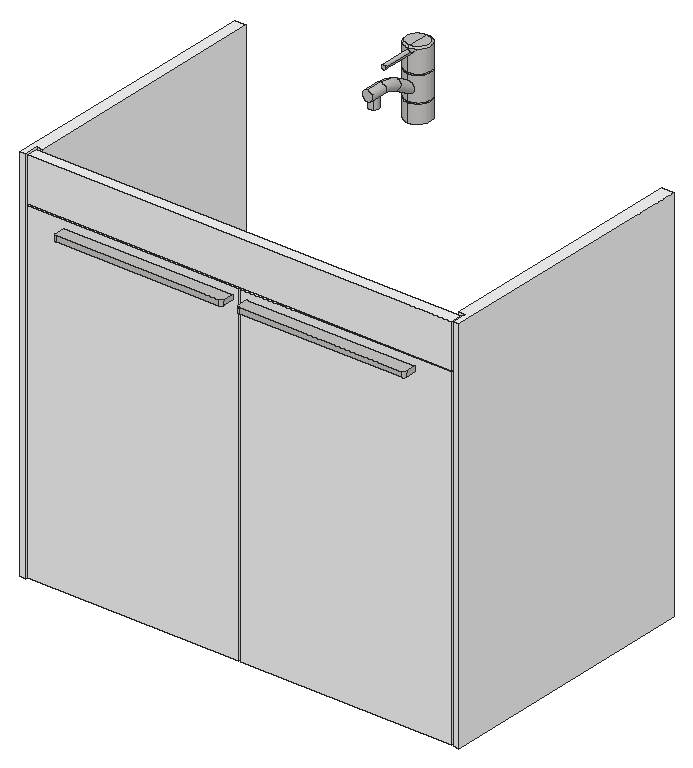
Revit family "47380 Ifö Sense Furniture packs - SDSSMP 60 Compact", category Generic Models, Revit 2015
Parameters (values of type "47380 Ifö Sense Furniture packs with doors SDSSMP 60 Compact, white")
  ifcExportType = "WASHHANDBASIN"
  ifcExportAs = "ifcSanitaryTerminalType"
  Width = 615.00 mm  # constant formula
  WarrantyStartDate = "n/a"
  WarrantyGuarantorParts = "n/a"
  WarrantyGuarantorLabor = "n/a"
  WarrantyDurationUnit = "n/a"
  WarrantyDurationParts = "n/a"
  WarrantyDurationLabor = "n/a"
  WarrantyDescription = "n/a"
  URL.se = "http://www.ifo.se/produkter/mobler/"
  URL.no = "http://www.ifosanitar.no/produkter/baderomsmbler/"
  URL.dk = "http://www.ifo.dk/produkter/badevrelsesmbler/"
  URL = "n/a"
  Type Comments = "n/a"
  Type = "Building element"
  TagNumber = "n/a"
  SustainabilityPerformance = "n/a"
  SupplyPipeDiameter = 10.00 mm
  Size = "615x535x375"
  SinkVerticalOffset = [MountingHeight(offset)] - 5.37 mm  # 844.63 mm
  Shape = "Square"
  Serie = "Sense"
  SerialNumber = "n/a"
  ReturnPipeDiameter = 32.00 mm
  ReplacementCost = "n/a"
  Panel = White
  OutputFileName = "47380 Ifö Sense Furniture packs with doors SDSSMP 60 Compact, white"
  NominalWidth = 615.00 mm
  NominalHeight = 535.00 mm
  NominalDepth = 375.00 mm
  Name = "Ifö Sense furniture pack with doors Compact 60 cm"
  MountingHeight(offset) = 850.00 mm
  ModelReference = "Sense"
  ModelNumber = "47380"
  Model = "Ifö Sense Furniture packs with doors SDSSMP 60 Compact, white"
  Mixernotincluded(option) = yes
  Material = "MDF Chipboard, Porcelain"
  Manufacturer = "Geberit"
  Keynote = "n/a"
  InstallationDate = "n/a"
  Height = 535.00 mm  # constant formula
  Handle = Metal-Steel
  Grade = "n/a"
  Fittings = Metal-Steel
  Finish = "n/a"
  Features = "feature1, feature2, feature55"
  ExpectedLife = "n/a"
  DurationUnit = "n/a"
  DrainSize = 0.00 mm
  Description = "Ifö Sense furniture pack with doors Compact 60 cm"
  Depth = 375.00 mm  # constant formula
  Constituents = "n/a"
  ConnectorIn_VDistance = 0.00 mm
  ConnectorIn_HDistance = 120.00 mm
  Color = "White"
  CodePerformance = "n/a"
  Category = "WashHandBasin"
  CabinetMaterial = "MDF Chipboard"
  CE labeling = "n/a"
  Brand = "Ifö"
  BarCode = "n/a"
  BIMObjectName = "47380 Ifö Sense Furniture packs - SDSSMP 60 Compact"
  AssetType = "n/a"
  AssetIdentifier = "n/a"
  AccessibilityPerformance = "n/a"
Reference planes
  plane 1 "Center (Front/Back)": y = 0
  plane 2: z = 0
  plane 3 "Center (Left/Right)": x = 0
  plane 4: z = 850
  plane 5: z = 774.622
  plane 6: y = -172.007
  plane 7 "Drain": z = 712.001
  plane 8: z = 712.001
  plane 9: x = 120
  plane 10: x = -120
Forms (mm)
  Extrusion 1, solid, material "White" <- "Panel"
    sketch origin (-40, 0, 315.622) x (1, 0, 0) y (0, 1, 0)
      loop
        line (-260, 0) -> (-260, -366) -> (-252, -366) -> (-252, -347) -> (-244, -347) -> (-244, 0) -> (-260, 0)
    from 0 to 520
  Extrusion 2, solid, material "White" <- "Panel"
    sketch origin (0, -51, 315.622) x (1, 0, 0) y (0, 1, 0)
      loop
        line (-290, -299) -> (-290, -315) -> (-1, -315) -> (-1, -299) -> (-290, -299)
    from 1 to 457
  Extrusion 3, solid, material "White" <- "Panel"
    sketch origin (0, -51, 315.622) x (-1, 0, 0) y (0, -1, 0)
      loop
        line (-290, 299) -> (-1, 299) -> (-1, 315) -> (-290, 315) -> (-290, 299)
    from 1 to 457
  Extrusion 4, solid, material "White" <- "Panel"
    sketch origin (0, 0, 315.622) x (1, 0, 0) y (0, 1, 0)
      loop
        line (-284, -60) -> (-284, -347) -> (284, -347) -> (284, -60) -> (-284, -60)
    from 1 to 17
  Revolve 5, solid, material "Metal-Steel" <- "Fittings"
    sketch origin (0, 3.616, 657.178) x (0, 1, 0) y (0, 0, 1)
      loop
        line (-81.936, 193.057) -> (-64.936, 193.057) -> (-64.936, 286.704) -> (-79.789, 286.704) -> (-81.936, 284.557) -> (-81.936, 254.557) -> (-79.936, 254.557) -> (-79.936, 252.057) -> (-81.936, 252.057) -> (-81.936, 219.557) -> (-79.936, 219.557) -> (-79.936, 217.057) -> (-81.936, 217.057) -> (-81.936, 193.057)
      axis (-64.936, 286.704) -> (-64.936, 193.057)
    angle from 0 to 360
  Sweep 6, solid, material "Metal-Steel" <- "Fittings"
    path origin (185, 1.116, 647.178) x (0, 1, 0) y (0, 0, 1)
      loop
        line (-147.967, 265.803) -> (-125.897, 265.803)
        arc (-125.897, 265.803) -> (-113.378, 264.21) -> (-101.657, 259.534) r 50
        line (-101.657, 259.534) -> (-72.443, 243.34)
    profile origin (185, -135.816, 912.981) x (0, 0, 1) y (1, 0, 0)
      loop
        circle (0, -185) r 7
  Extrusion 7, solid, material "Metal-Steel" <- "Fittings"
    sketch origin (0, 3.616, 657.178) x (1, 0, 0) y (0, 0, 1)
      loop
        circle (0, 279.191) r 3
    from 74.245 to 123.053
  Extrusion 8, solid, material "Metal-Steel" <- "Fittings"
    sketch origin (174.135, -142.963, 383.862) x (0.601815, -0.798636, 0) y (0.798636, 0.601815, 0)
      loop
        circle (-109.679, -135.391) r 6.014
    from 527.873 to 511.219
  Extrusion 9, solid, material "White" <- "Panel"
    sketch origin (0, -344, 315.622) x (1, 0, 0) y (0, 1, 0)
      loop
        line (-290, -6) -> (-290, -22) -> (290, -22) -> (290, -6) -> (-290, -6)
    from 459 to 519
  Extrusion 10, solid, material "White" <- "Panel"
    sketch origin (40, 0, 315.622) x (-1, 0, 0) y (0, -1, 0)
      loop
        line (-260, 0) -> (-244, 0) -> (-244, 347) -> (-252, 347) -> (-252, 366) -> (-260, 366) -> (-260, 0)
    from 0 to 520
  Extrusion 11, solid, material "Metal-Steel" <- "Handle"
    sketch origin (0, 0, 315.622) x (1, 0, 0) y (0, 1, 0)
      loop
        line (10, -366) -> (10, -380)
        arc (10, -380) -> (11.172, -382.828) -> (14, -384) r 4
        line (14, -384) -> (236, -384)
        arc (236, -384) -> (238.828, -382.828) -> (240, -380) r 4
        line (240, -380) -> (240, -366) -> (10, -366)
    from 440 to 447
  Extrusion 12, void
    sketch origin (0, 0, 315.622) x (1, 0, 0) y (0, 1, 0)
      loop
        line (64, -378.5) -> (186, -378.5)
        arc (186, -378.5) -> (194.839, -374.839) -> (198.5, -366) r 12.5
        line (198.5, -366) -> (51.5, -366)
        arc (51.5, -366) -> (55.161, -374.839) -> (64, -378.5) r 12.5
    from 440 to 444
  Extrusion 13, solid, material "Metal-Steel" <- "Handle"
    sketch origin (0, 0, 315.622) x (-1, 0, 0) y (0, -1, 0)
      loop
        line (10, 366) -> (240, 366) -> (240, 380)
        arc (240, 380) -> (238.828, 382.828) -> (236, 384) r 4
        line (236, 384) -> (14, 384)
        arc (14, 384) -> (11.172, 382.828) -> (10, 380) r 4
        line (10, 380) -> (10, 366)
    from 440 to 447
  Extrusion 14, void
    sketch origin (0, 0, 315.622) x (-1, 0, 0) y (0, -1, 0)
      loop
        arc (64, 378.5) -> (55.161, 374.839) -> (51.5, 366) r 12.5
        line (51.5, 366) -> (198.5, 366)
        arc (198.5, 366) -> (194.839, 374.839) -> (186, 378.5) r 12.5
        line (186, 378.5) -> (64, 378.5)
    from 440 to 444
  Extrusion 15, solid, material "White" <- "Panel"
    sketch origin (0, 0, 315.622) x (1, 0, 0) y (0, 1, 0)
      loop
        line (-284, -60) -> (-284, -76) -> (284, -76) -> (284, -60) -> (-284, -60)
    from 17 to 137
  Extrusion 16, solid, material "White" <- "Panel"
    sketch origin (0, 0, 315.622) x (1, 0, 0) y (0, 1, 0)
      loop
        line (-282.5, -60) -> (-282.5, -64) -> (282.5, -64) -> (282.5, -60) -> (-282.5, -60)
    from 242 to 302
  Extrusion 17, solid, material "White" <- "Panel", not visible
    sketch origin (-40, 0, 0) x (1, 0, 0) y (0, 1, 0)
      loop
        line (-260, 0) -> (-260, -366) -> (-252, -366) -> (-252, -347) -> (-244, -347) -> (-244, 0) -> (-260, 0)
    from 0 to 520
  Extrusion 18, solid, material "White" <- "Panel", not visible
    sketch origin (0, -51, 0) x (1, 0, 0) y (0, 1, 0)
      loop
        line (-290, -299) -> (-290, -315) -> (-1, -315) -> (-1, -299) -> (-290, -299)
    from 1 to 457
  Extrusion 19, solid, material "White" <- "Panel", not visible
    sketch origin (0, -51, 0) x (-1, 0, 0) y (0, -1, 0)
      loop
        line (-290, 299) -> (-1, 299) -> (-1, 315) -> (-290, 315) -> (-290, 299)
    from 1 to 457
  Extrusion 20, solid, material "White" <- "Panel", not visible
    sketch origin (0, 0, 0) x (1, 0, 0) y (0, 1, 0)
      loop
        line (-284, -60) -> (-284, -347) -> (284, -347) -> (284, -60) -> (-284, -60)
    from 1 to 17
  Extrusion 21, solid, material "White" <- "Panel", not visible
    sketch origin (0, -344, 0) x (1, 0, 0) y (0, 1, 0)
      loop
        line (-290, -6) -> (-290, -22) -> (290, -22) -> (290, -6) -> (-290, -6)
    from 459 to 519
  Extrusion 22, solid, material "White" <- "Panel", not visible
    sketch origin (40, 0, 0) x (-1, 0, 0) y (0, -1, 0)
      loop
        line (-260, 0) -> (-244, 0) -> (-244, 347) -> (-252, 347) -> (-252, 366) -> (-260, 366) -> (-260, 0)
    from 0 to 520
  Extrusion 23, solid, material "Metal-Steel" <- "Handle", not visible
    sketch origin (0, 0, 0) x (1, 0, 0) y (0, 1, 0)
      loop
        line (10, -366) -> (10, -380)
        arc (10, -380) -> (11.172, -382.828) -> (14, -384) r 4
        line (14, -384) -> (236, -384)
        arc (236, -384) -> (238.828, -382.828) -> (240, -380) r 4
        line (240, -380) -> (240, -366) -> (10, -366)
    from 440 to 447
  Extrusion 24, void, not visible
    sketch origin (0, 0, 0) x (1, 0, 0) y (0, 1, 0)
      loop
        line (64, -378.5) -> (186, -378.5)
        arc (186, -378.5) -> (194.839, -374.839) -> (198.5, -366) r 12.5
        line (198.5, -366) -> (51.5, -366)
        arc (51.5, -366) -> (55.161, -374.839) -> (64, -378.5) r 12.5
    from 440 to 444
  Extrusion 25, solid, material "Metal-Steel" <- "Handle", not visible
    sketch origin (0, 0, 0) x (-1, 0, 0) y (0, -1, 0)
      loop
        line (10, 366) -> (240, 366) -> (240, 380)
        arc (240, 380) -> (238.828, 382.828) -> (236, 384) r 4
        line (236, 384) -> (14, 384)
        arc (14, 384) -> (11.172, 382.828) -> (10, 380) r 4
        line (10, 380) -> (10, 366)
    from 440 to 447
  Extrusion 26, void, not visible
    sketch origin (0, 0, 0) x (-1, 0, 0) y (0, -1, 0)
      loop
        arc (64, 378.5) -> (55.161, 374.839) -> (51.5, 366) r 12.5
        line (51.5, 366) -> (198.5, 366)
        arc (198.5, 366) -> (194.839, 374.839) -> (186, 378.5) r 12.5
        line (186, 378.5) -> (64, 378.5)
    from 440 to 444
  Extrusion 27, solid, material "White" <- "Panel", not visible
    sketch origin (0, 0, 0) x (1, 0, 0) y (0, 1, 0)
      loop
        line (-284, -60) -> (-284, -76) -> (284, -76) -> (284, -60) -> (-284, -60)
    from 17 to 137
  Extrusion 28, solid, material "White" <- "Panel", not visible
    sketch origin (0, 0, 0) x (1, 0, 0) y (0, 1, 0)
      loop
        line (-282.5, -60) -> (-282.5, -64) -> (282.5, -64) -> (282.5, -60) -> (-282.5, -60)
    from 242 to 302
  Revolve 29, solid, material "Metal-Steel" <- "Fittings", not visible
    sketch origin (0, 3.616, 341.556) x (0, 1, 0) y (0, 0, 1)
      loop
        line (-81.936, 193.057) -> (-64.936, 193.057) -> (-64.936, 286.704) -> (-79.789, 286.704) -> (-81.936, 284.557) -> (-81.936, 254.557) -> (-79.936, 254.557) -> (-79.936, 252.057) -> (-81.936, 252.057) -> (-81.936, 219.557) -> (-79.936, 219.557) -> (-79.936, 217.057) -> (-81.936, 217.057) -> (-81.936, 193.057)
      axis (-64.936, 286.704) -> (-64.936, 193.057)
    angle from 0 to 360
  Sweep 30, solid, material "Metal-Steel" <- "Fittings", not visible
    path origin (185, 1.116, 331.556) x (0, 1, 0) y (0, 0, 1)
      loop
        line (-147.967, 265.803) -> (-125.897, 265.803)
        arc (-125.897, 265.803) -> (-113.378, 264.21) -> (-101.657, 259.534) r 50
        line (-101.657, 259.534) -> (-72.443, 243.34)
    profile origin (185, -135.816, 597.359) x (0, 0, 1) y (1, 0, 0)
      loop
        circle (0, -185) r 7
  Extrusion 31, solid, material "Metal-Steel" <- "Fittings", not visible
    sketch origin (0, 3.616, 341.556) x (1, 0, 0) y (0, 0, 1)
      loop
        circle (0, 279.191) r 3
    from 74.245 to 123.053
  Extrusion 32, solid, material "Metal-Steel" <- "Fittings", not visible
    sketch origin (174.135, -142.963, 68.239) x (0.601815, -0.798636, 0) y (0.798636, 0.601815, 0)
      loop
        circle (-109.679, -135.391) r 6.014
    from 527.873 to 511.219
Cuts and joins
  Extrusion 12 cuts Extrusion 11
  Extrusion 14 cuts Extrusion 13
Lines and regions (mm)
  Masking region 1
    outline origin (0, -6.315, 158.882) x (0, 1, 0) y (0, 0, 1)
      loop
        line (-40.152, 785) -> (-69.859, 785) -> (-72.005, 782.853) -> (-72.005, 780.486) -> (-113.122, 780.486) -> (-113.122, 774.487) -> (-72.005, 774.487) -> (-72.005, 752.853) -> (-70.005, 752.853) -> (-70.005, 750.353) -> (-72.005, 750.353) -> (-72.005, 743.516) -> (-90.672, 753.863)
        arc (-90.672, 753.863) -> (-104.201, 759.261) -> (-118.651, 761.099) r 57.711
        line (-118.651, 761.099) -> (-140.536, 761.099) -> (-140.536, 747.099) -> (-136.55, 747.099) -> (-136.55, 736.199) -> (-124.522, 736.199) -> (-124.522, 747.099) -> (-118.651, 747.099)
        arc (-118.651, 747.099) -> (-107.706, 745.707) -> (-97.459, 741.619) r 43.711
        line (-97.459, 741.619) -> (-72.005, 727.509) -> (-72.005, 717.853) -> (-70.005, 717.853) -> (-70.005, 715.353) -> (-72.005, 715.353) -> (-72.005, 692.26)
        arc (-72.005, 692.26) -> (-67.656, 692.434) -> (-63.307, 692.598) r 2089.66
        arc (-63.307, 692.598) -> (-58.497, 692.79) -> (-53.688, 693.012) r 764.729
        arc (-53.688, 693.012) -> (-48.716, 693.248) -> (-43.742, 693.465) r 1325.765
        arc (-43.742, 693.465) -> (-40.873, 693.6) -> (-38.005, 693.764) r 282.263
        line (-38.005, 693.764) -> (-38.005, 715.353) -> (-40.005, 715.353) -> (-40.005, 717.853) -> (-38.005, 717.853) -> (-38.005, 750.353) -> (-40.005, 750.353) -> (-40.005, 752.853) -> (-38.005, 752.853) -> (-38.005, 782.853) -> (-40.152, 785)
  Masking region 2
    outline origin (-84.011, -215, 158.882) x (1, 0, 0) y (0, 0, 1)
      loop
        line (67.011, 715.353) -> (67.011, 691.836)
        arc (67.011, 691.836) -> (67.594, 691.743) -> (68.182, 691.694) r 7.708
        arc (68.182, 691.694) -> (71.814, 691.495) -> (75.448, 691.353) r 229.115
        line (75.448, 691.353) -> (92.574, 691.353)
        arc (92.574, 691.353) -> (96.209, 691.495) -> (99.841, 691.694) r 229.115
        arc (99.841, 691.694) -> (100.429, 691.743) -> (101.011, 691.836) r 7.708
        line (101.011, 691.836) -> (101.011, 715.353) -> (99.011, 715.353) -> (99.011, 717.853) -> (101.011, 717.853) -> (101.011, 750.353) -> (99.011, 750.353) -> (99.011, 752.853) -> (101.011, 752.853) -> (101.011, 782.853) -> (98.865, 785) -> (69.158, 785) -> (67.011, 782.853) -> (67.011, 752.853) -> (69.011, 752.853) -> (69.011, 750.353) -> (67.011, 750.353) -> (67.011, 717.853) -> (69.011, 717.853) -> (69.011, 715.353) -> (67.011, 715.353)
  Masking region 3
    outline origin (0, 0, 315.622) x (0, 1, 0) y (0, 0, 1)
      loop
        line (0, 520) -> (-366, 520) -> (-366, 0) -> (0, 0) -> (0, 520)
  Masking region 4
    outline origin (0, 0, 315.622) x (0, 1, 0) y (0, 0, 1)
      loop
        line (-366, 447) -> (-384, 447) -> (-384, 440) -> (-366, 440) -> (-366, 447)
  Masking region 5
    outline origin (0, -366, 217.435) x (-1, 0, 0) y (0, 0, 1)
      loop
        arc (26.29, 638.99) -> (24.235, 639) -> (22.18, 639.004) r 723.971
        arc (22.18, 639.004) -> (20.512, 639.008) -> (18.844, 639.017) r 560.867
        arc (18.844, 639.017) -> (18.393, 639.019) -> (17.941, 639.018) r 74.5
        arc (17.941, 639.018) -> (17.471, 639.017) -> (17, 639.019) r 65.638
        line (17, 639.019) -> (17, 633.283)
        arc (17, 633.283) -> (16.417, 633.19) -> (15.829, 633.141) r 7.708
        arc (15.829, 633.141) -> (12.197, 632.942) -> (8.563, 632.801) r 229.115
        line (8.563, 632.801) -> (-8.563, 632.801)
        arc (-8.563, 632.801) -> (-12.197, 632.942) -> (-15.829, 633.141) r 229.115
        arc (-15.829, 633.141) -> (-16.417, 633.19) -> (-17, 633.283) r 7.708
        line (-17, 633.283) -> (-17, 639.019)
        arc (-17, 639.019) -> (-17.471, 639.017) -> (-17.941, 639.018) r 65.638
        arc (-17.941, 639.018) -> (-18.393, 639.019) -> (-18.844, 639.017) r 74.5
        arc (-18.844, 639.017) -> (-20.512, 639.008) -> (-22.18, 639.004) r 560.867
        arc (-22.18, 639.004) -> (-24.235, 639) -> (-26.29, 638.99) r 723.971
        arc (-26.29, 638.99) -> (-28.164, 638.979) -> (-30.038, 638.973) r 997.153
        arc (-30.038, 638.973) -> (-31.454, 638.971) -> (-32.87, 638.973) r 530.1
        arc (-32.87, 638.973) -> (-35.942, 638.972) -> (-39.014, 638.954) r 534.181
        arc (-39.014, 638.954) -> (-40.811, 638.943) -> (-42.607, 638.942) r 315.51
        arc (-42.607, 638.942) -> (-44.969, 638.941) -> (-47.33, 638.923) r 359.351
        arc (-47.33, 638.923) -> (-49.048, 638.911) -> (-50.765, 638.91) r 260.209
        arc (-50.765, 638.91) -> (-54.721, 638.896) -> (-58.678, 638.894) r 1309.08
        arc (-58.678, 638.894) -> (-61.142, 638.891) -> (-63.606, 638.876) r 523.97
        arc (-63.606, 638.876) -> (-66.288, 638.882) -> (-68.969, 638.863) r 286.417
        arc (-68.969, 638.863) -> (-69.397, 638.859) -> (-69.825, 638.857) r 76.359
        arc (-69.825, 638.857) -> (-76.205, 638.831) -> (-82.585, 638.822) r 2398.737
        arc (-82.585, 638.822) -> (-90.48, 638.817) -> (-98.375, 638.78) r 1898.557
        arc (-98.375, 638.78) -> (-104.329, 638.753) -> (-110.284, 638.75) r 1405.682
        arc (-110.284, 638.75) -> (-120.605, 638.739) -> (-130.926, 638.67) r 1860.707
        arc (-130.926, 638.67) -> (-135.214, 638.645) -> (-139.502, 638.65) r 614.496
        arc (-139.502, 638.65) -> (-143.882, 638.653) -> (-148.262, 638.625) r 591.416
        arc (-148.262, 638.625) -> (-157.301, 638.561) -> (-166.341, 638.556) r 1397.721
        arc (-166.341, 638.556) -> (-170.437, 638.557) -> (-174.534, 638.534) r 711.523
        arc (-174.534, 638.534) -> (-179.991, 638.501) -> (-185.448, 638.495) r 1114.787
        arc (-185.448, 638.495) -> (-190.545, 638.491) -> (-195.642, 638.466) r 1199.451
        arc (-195.642, 638.466) -> (-201.295, 638.465) -> (-206.947, 638.428) r 887.552
        arc (-206.947, 638.428) -> (-209.575, 638.422) -> (-212.203, 638.403) r 512.197
        arc (-212.203, 638.403) -> (-215.268, 638.385) -> (-218.334, 638.357) r 896.789
        arc (-218.334, 638.357) -> (-225.168, 638.324) -> (-232.001, 638.258) r 1378.917
        arc (-232.001, 638.258) -> (-237.519, 638.21) -> (-243.036, 638.141) r 1419.883
        arc (-243.036, 638.141) -> (-249.226, 638.065) -> (-255.416, 637.958) r 1203.28
        arc (-255.416, 637.958) -> (-258.93, 637.895) -> (-262.444, 637.812) r 611.774
        arc (-262.444, 637.812) -> (-265.235, 637.763) -> (-268.025, 637.691) r 349.957
        arc (-268.025, 637.691) -> (-268.602, 637.676) -> (-269.179, 637.664) r 105.435
        arc (-269.179, 637.664) -> (-271.952, 637.596) -> (-274.724, 637.495) r 233.186
        arc (-274.724, 637.495) -> (-277.635, 637.379) -> (-280.547, 637.279) r 559.81
        arc (-280.547, 637.279) -> (-282.334, 637.208) -> (-284.12, 637.108) r 113.325
        arc (-284.12, 637.108) -> (-285.427, 637.028) -> (-286.735, 636.952) r 341.387
        arc (-286.735, 636.952) -> (-287.312, 636.919) -> (-287.889, 636.883) r 134.578
        arc (-287.889, 636.883) -> (-288.686, 636.816) -> (-289.483, 636.756) r 117.427
        arc (-289.483, 636.756) -> (-290.72, 636.662) -> (-291.956, 636.559) r 183.241
        arc (-291.956, 636.559) -> (-292.364, 636.52) -> (-292.77, 636.474) r 23.326
        arc (-292.77, 636.474) -> (-293.481, 636.393) -> (-294.194, 636.323) r 46.54
        arc (-294.194, 636.323) -> (-294.951, 636.244) -> (-295.705, 636.146) r 28.913
        arc (-295.705, 636.146) -> (-296.501, 636.047) -> (-297.293, 635.928) r 31.684
        arc (-297.293, 635.928) -> (-297.7, 635.861) -> (-298.107, 635.793) r 117.916
        arc (-298.107, 635.793) -> (-298.493, 635.728) -> (-298.878, 635.665) r 92.888
        arc (-298.878, 635.665) -> (-299.52, 635.546) -> (-300.159, 635.416) r 36.999
        arc (-300.159, 635.416) -> (-300.68, 635.302) -> (-301.2, 635.186) r 73.952
        arc (-301.2, 635.186) -> (-301.992, 634.997) -> (-302.773, 634.767) r 15.678
        arc (-302.773, 634.767) -> (-303.57, 634.498) -> (-304.36, 634.205) r 29.66
        arc (-304.36, 634.205) -> (-305.453, 633.726) -> (-306.498, 633.151) r 13.324
        arc (-306.498, 633.151) -> (-307.02, 632.809) -> (-307.518, 632.433) r 9.535
        arc (-307.518, 632.433) -> (-307.946, 632.067) -> (-308.351, 631.676) r 9.535
        arc (-308.351, 631.676) -> (-308.918, 631.023) -> (-309.266, 630.231) r 2.893
        arc (-309.266, 630.231) -> (-309.389, 629.826) -> (-309.481, 629.412) r 5.582
        arc (-309.481, 629.412) -> (-309.566, 628.881) -> (-309.591, 628.343) r 4.757
        arc (-309.591, 628.343) -> (-309.575, 627.08) -> (-309.334, 625.841) r 6.998
        arc (-309.334, 625.841) -> (-309.107, 625.165) -> (-308.812, 624.516) r 6.898
        arc (-308.812, 624.516) -> (-308.505, 623.98) -> (-308.155, 623.473) r 7.299
        arc (-308.155, 623.473) -> (-307.742, 622.971) -> (-307.29, 622.506) r 7.887
        arc (-307.29, 622.506) -> (-306.674, 621.977) -> (-306.008, 621.513) r 8.1
        arc (-306.008, 621.513) -> (-305.536, 621.231) -> (-305.054, 620.967) r 14.289
        arc (-305.054, 620.967) -> (-304.448, 620.675) -> (-303.825, 620.421) r 10.631
        arc (-303.825, 620.421) -> (-303.357, 620.255) -> (-302.885, 620.102) r 18.18
        arc (-302.885, 620.102) -> (-302.367, 619.931) -> (-301.838, 619.799) r 7.468
        arc (-301.838, 619.799) -> (-301.294, 619.652) -> (-300.746, 619.524) r 16.91
        line (-300.746, 619.524) -> (-297.179, 618.709)
        arc (-297.179, 618.709) -> (-296.657, 618.581) -> (-296.136, 618.449) r 58.188
        arc (-296.136, 618.449) -> (-295.662, 618.322) -> (-295.19, 618.188) r 31.626
        line (-295.19, 618.188) -> (-292, 618.188)
        arc (-292, 618.188) -> (-291.063, 618.046) -> (-290.135, 617.85) r 16.67
        line (-290.135, 617.85) -> (-286.872, 617.188) -> (-284, 617.188) -> (0, 617.188) -> (284, 617.188) -> (286.872, 617.188) -> (290.135, 617.85)
        arc (290.135, 617.85) -> (291.063, 618.046) -> (292, 618.188) r 16.67
        line (292, 618.188) -> (295.19, 618.188)
        arc (295.19, 618.188) -> (295.662, 618.322) -> (296.136, 618.449) r 31.626
        arc (296.136, 618.449) -> (296.657, 618.581) -> (297.179, 618.709) r 58.188
        line (297.179, 618.709) -> (300.746, 619.524)
        arc (300.746, 619.524) -> (301.294, 619.652) -> (301.838, 619.799) r 16.91
        arc (301.838, 619.799) -> (302.367, 619.931) -> (302.885, 620.102) r 7.468
        arc (302.885, 620.102) -> (303.357, 620.255) -> (303.825, 620.421) r 18.18
        arc (303.825, 620.421) -> (304.448, 620.675) -> (305.054, 620.967) r 10.631
        arc (305.054, 620.967) -> (305.536, 621.231) -> (306.008, 621.513) r 14.289
        arc (306.008, 621.513) -> (306.674, 621.977) -> (307.29, 622.506) r 8.1
        arc (307.29, 622.506) -> (307.742, 622.971) -> (308.155, 623.473) r 7.887
        arc (308.155, 623.473) -> (308.505, 623.98) -> (308.812, 624.516) r 7.299
        arc (308.812, 624.516) -> (309.107, 625.165) -> (309.334, 625.841) r 6.898
        arc (309.334, 625.841) -> (309.575, 627.08) -> (309.591, 628.343) r 6.998
        arc (309.591, 628.343) -> (309.566, 628.881) -> (309.481, 629.412) r 4.757
        arc (309.481, 629.412) -> (309.389, 629.826) -> (309.266, 630.231) r 5.582
        arc (309.266, 630.231) -> (308.918, 631.023) -> (308.351, 631.676) r 2.893
        arc (308.351, 631.676) -> (307.946, 632.067) -> (307.518, 632.433) r 9.535
        arc (307.518, 632.433) -> (307.02, 632.809) -> (306.498, 633.151) r 9.535
        arc (306.498, 633.151) -> (305.453, 633.726) -> (304.36, 634.205) r 13.324
        arc (304.36, 634.205) -> (303.57, 634.498) -> (302.773, 634.767) r 29.66
        arc (302.773, 634.767) -> (301.992, 634.997) -> (301.2, 635.186) r 15.678
        arc (301.2, 635.186) -> (300.68, 635.302) -> (300.159, 635.416) r 73.952
        arc (300.159, 635.416) -> (299.52, 635.546) -> (298.878, 635.665) r 36.999
        arc (298.878, 635.665) -> (298.493, 635.728) -> (298.107, 635.793) r 92.888
        arc (298.107, 635.793) -> (297.7, 635.861) -> (297.293, 635.928) r 117.916
        arc (297.293, 635.928) -> (296.501, 636.047) -> (295.705, 636.146) r 31.684
        arc (295.705, 636.146) -> (294.951, 636.244) -> (294.194, 636.323) r 28.913
        arc (294.194, 636.323) -> (293.481, 636.393) -> (292.77, 636.474) r 46.54
        arc (292.77, 636.474) -> (292.364, 636.52) -> (291.956, 636.559) r 23.326
        arc (291.956, 636.559) -> (290.72, 636.662) -> (289.483, 636.756) r 183.241
        arc (289.483, 636.756) -> (288.686, 636.816) -> (287.889, 636.883) r 117.427
        arc (287.889, 636.883) -> (287.312, 636.919) -> (286.735, 636.952) r 134.578
        arc (286.735, 636.952) -> (285.427, 637.028) -> (284.12, 637.108) r 341.387
        arc (284.12, 637.108) -> (282.334, 637.208) -> (280.547, 637.279) r 113.325
        arc (280.547, 637.279) -> (277.635, 637.379) -> (274.724, 637.495) r 559.81
        arc (274.724, 637.495) -> (271.952, 637.596) -> (269.179, 637.664) r 233.186
        arc (269.179, 637.664) -> (268.602, 637.676) -> (268.025, 637.691) r 105.435
        arc (268.025, 637.691) -> (265.235, 637.763) -> (262.444, 637.812) r 349.957
        arc (262.444, 637.812) -> (258.93, 637.895) -> (255.416, 637.958) r 611.774
        arc (255.416, 637.958) -> (249.226, 638.065) -> (243.036, 638.141) r 1203.28
        arc (243.036, 638.141) -> (237.519, 638.21) -> (232.001, 638.258) r 1419.883
        arc (232.001, 638.258) -> (225.168, 638.324) -> (218.334, 638.357) r 1378.917
        arc (218.334, 638.357) -> (215.268, 638.385) -> (212.203, 638.403) r 896.789
        arc (212.203, 638.403) -> (209.575, 638.422) -> (206.947, 638.428) r 512.197
        arc (206.947, 638.428) -> (201.295, 638.465) -> (195.642, 638.466) r 887.552
        arc (195.642, 638.466) -> (190.545, 638.491) -> (185.448, 638.495) r 1199.451
        arc (185.448, 638.495) -> (179.991, 638.501) -> (174.534, 638.534) r 1114.787
        arc (174.534, 638.534) -> (170.437, 638.557) -> (166.341, 638.556) r 711.523
        arc (166.341, 638.556) -> (157.301, 638.561) -> (148.262, 638.625) r 1397.721
        arc (148.262, 638.625) -> (143.882, 638.653) -> (139.502, 638.65) r 591.416
        arc (139.502, 638.65) -> (135.214, 638.645) -> (130.926, 638.67) r 614.496
        arc (130.926, 638.67) -> (120.605, 638.739) -> (110.284, 638.75) r 1860.707
        arc (110.284, 638.75) -> (104.329, 638.753) -> (98.375, 638.78) r 1405.682
        arc (98.375, 638.78) -> (90.48, 638.817) -> (82.585, 638.822) r 1898.557
        arc (82.585, 638.822) -> (76.205, 638.831) -> (69.825, 638.857) r 2398.737
        arc (69.825, 638.857) -> (69.397, 638.859) -> (68.969, 638.863) r 76.359
        arc (68.969, 638.863) -> (66.288, 638.882) -> (63.606, 638.876) r 286.417
        arc (63.606, 638.876) -> (61.142, 638.891) -> (58.678, 638.894) r 523.97
        arc (58.678, 638.894) -> (54.721, 638.896) -> (50.765, 638.91) r 1309.08
        arc (50.765, 638.91) -> (49.048, 638.911) -> (47.33, 638.923) r 260.209
        arc (47.33, 638.923) -> (44.969, 638.941) -> (42.607, 638.942) r 359.351
        arc (42.607, 638.942) -> (40.811, 638.943) -> (39.014, 638.954) r 315.51
        arc (39.014, 638.954) -> (35.942, 638.972) -> (32.87, 638.973) r 534.181
        arc (32.87, 638.973) -> (31.454, 638.971) -> (30.038, 638.973) r 530.1
        arc (30.038, 638.973) -> (28.164, 638.979) -> (26.29, 638.99) r 997.153
  Masking region 6
    outline origin (0, 0, 315.622) x (-1, 0, 0) y (0, 0, 1)
      loop
        line (-292, 0) -> (-284, 0) -> (-284, 1) -> (-290, 1) -> (-290, 457) -> (-1, 457) -> (-1, 1) -> (1, 1) -> (1, 457) -> (290, 457) -> (290, 1) -> (284, 1) -> (284, 0) -> (292, 0) -> (292, 520)
        arc (292, 520) -> (291.063, 519.858) -> (290.135, 519.663) r 16.67
        line (290.135, 519.663) -> (286.872, 519) -> (290, 519) -> (290, 459) -> (-290, 459) -> (-290, 519) -> (-286.872, 519) -> (-290.135, 519.663)
        arc (-290.135, 519.663) -> (-291.063, 519.858) -> (-292, 520) r 16.67
        line (-292, 520) -> (-292, 0)
  Masking region 7
    outline origin (0, -0.133, 0) x (1, 0, 0) y (0, 1, 0)
      loop
        line (-236, -384) -> (-14, -384)
        arc (-14, -384) -> (-11.172, -382.828) -> (-10, -380) r 4
        line (-10, -380) -> (-10, -374.136) -> (10, -374.136) -> (10, -380)
        arc (10, -380) -> (11.172, -382.828) -> (14, -384) r 4
        line (14, -384) -> (236, -384)
        arc (236, -384) -> (238.828, -382.828) -> (240, -380) r 4
        line (240, -380) -> (240, -374.156) -> (249.138, -374.156)
        arc (249.138, -374.156) -> (256.63, -374.114) -> (264.12, -373.956) r 483.526
        arc (264.12, -373.956) -> (265.744, -373.904) -> (267.368, -373.843) r 271.997
        arc (267.368, -373.843) -> (271.041, -373.656) -> (274.708, -373.393) r 179.921
        arc (274.708, -373.393) -> (277.537, -373.142) -> (280.361, -372.849) r 198.031
        arc (280.361, -372.849) -> (282.754, -372.479) -> (285.146, -372.102) r 907.087
        arc (285.146, -372.102) -> (290.083, -371.018) -> (294.859, -369.363) r 43.132
        arc (294.859, -369.363) -> (295.873, -368.863) -> (296.881, -368.349) r 87.413
        arc (296.881, -368.349) -> (299.819, -366.411) -> (302.288, -363.902) r 16.748
        arc (302.288, -363.902) -> (304.309, -360.758) -> (305.662, -357.274) r 18.624
        arc (305.662, -357.274) -> (306.296, -354.714) -> (306.791, -352.123) r 48.824
        arc (306.791, -352.123) -> (307.115, -349.366) -> (307.275, -346.595) r 46.783
        arc (307.275, -346.595) -> (307.474, -343.596) -> (307.571, -340.593) r 88.114
        arc (307.571, -340.593) -> (307.728, -336.151) -> (307.902, -331.71) r 1093.636
        arc (307.902, -331.71) -> (308.125, -325.854) -> (308.311, -319.998) r 918.203
        arc (308.311, -319.998) -> (308.573, -312.465) -> (308.793, -304.932) r 1386.93
        arc (308.793, -304.932) -> (308.898, -301.128) -> (309.021, -297.325) r 816.697
        arc (309.021, -297.325) -> (309.143, -293.374) -> (309.238, -289.423) r 562.08
        arc (309.238, -289.423) -> (309.331, -284.43) -> (309.406, -279.436) r 1347.245
        arc (309.406, -279.436) -> (309.498, -271.237) -> (309.558, -263.039) r 2180.468
        arc (309.558, -263.039) -> (309.567, -261.287) -> (309.571, -259.535) r 927.697
        arc (309.571, -259.535) -> (309.575, -258.534) -> (309.582, -257.534) r 300.554
        arc (309.582, -257.534) -> (309.602, -253.657) -> (309.599, -249.781) r 628.294
        arc (309.599, -249.781) -> (309.583, -241.845) -> (309.596, -233.909) r 2143.412
        arc (309.596, -233.909) -> (309.607, -229.216) -> (309.609, -224.523) r 2280.047
        line (309.609, -224.523) -> (309.609, -129.049)
        arc (309.609, -129.049) -> (309.525, -97.238) -> (309.062, -65.43) r 2671.429
        arc (309.062, -65.43) -> (308.772, -53.66) -> (308.384, -41.893) r 1424.088
        arc (308.384, -41.893) -> (308.044, -34.649) -> (307.561, -27.413) r 367.389
        arc (307.561, -27.413) -> (307.45, -25.93) -> (307.343, -24.446) r 444.487
        arc (307.343, -24.446) -> (307.038, -21.521) -> (306.534, -18.624) r 43.029
        arc (306.534, -18.624) -> (306.146, -16.85) -> (305.73, -15.082) r 108.922
        arc (305.73, -15.082) -> (305.317, -13.717) -> (304.761, -12.403) r 13.336
        arc (304.761, -12.403) -> (304.173, -11.26) -> (303.537, -10.142) r 30.401
        arc (303.537, -10.142) -> (303.104, -9.466) -> (302.574, -8.863) r 5.306
        arc (302.574, -8.863) -> (301.884, -8.082) -> (301.181, -7.313) r 61.323
        arc (301.181, -7.313) -> (299.982, -6.399) -> (298.736, -5.549) r 28.605
        arc (298.736, -5.549) -> (297.898, -5.049) -> (297.027, -4.608) r 14.109
        arc (297.027, -4.608) -> (294.939, -3.787) -> (292.815, -3.065) r 48.435
        arc (292.815, -3.065) -> (290.558, -2.542) -> (288.297, -2.042) r 232.157
        arc (288.297, -2.042) -> (286.718, -1.743) -> (285.126, -1.524) r 31.802
        arc (285.126, -1.524) -> (284.563, -1.456) -> (284, -1.377) r 31.555
        arc (284, -1.377) -> (283.222, -1.268) -> (282.446, -1.154) r 114.839
        arc (282.446, -1.154) -> (281.953, -1.085) -> (281.46, -1.024) r 27.665
        arc (281.46, -1.024) -> (279.038, -0.81) -> (276.614, -0.621) r 237.447
        arc (276.614, -0.621) -> (275.694, -0.549) -> (274.774, -0.467) r 87.014
        arc (274.774, -0.467) -> (272.156, -0.314) -> (269.536, -0.198) r 182.737
        arc (269.536, -0.198) -> (268.518, -0.161) -> (267.501, -0.121) r 494.803
        arc (267.501, -0.121) -> (265.569, -0.066) -> (263.637, -0.016) r 604.079
        arc (263.637, -0.016) -> (260.998, 0.039) -> (258.358, 0.079) r 445.434
        arc (258.358, 0.079) -> (256.473, 0.1) -> (254.589, 0.116) r 727.749
        arc (254.589, 0.116) -> (250.077, 0.136) -> (245.566, 0.133) r 900.98
        line (245.566, 0.133) -> (-245.566, 0.133)
        arc (-245.566, 0.133) -> (-250.077, 0.136) -> (-254.589, 0.116) r 900.98
        arc (-254.589, 0.116) -> (-256.473, 0.1) -> (-258.358, 0.079) r 727.749
        arc (-258.358, 0.079) -> (-260.998, 0.039) -> (-263.637, -0.016) r 445.434
        arc (-263.637, -0.016) -> (-265.569, -0.066) -> (-267.501, -0.121) r 604.079
        arc (-267.501, -0.121) -> (-268.518, -0.161) -> (-269.536, -0.198) r 494.803
        arc (-269.536, -0.198) -> (-272.156, -0.314) -> (-274.774, -0.467) r 182.737
        arc (-274.774, -0.467) -> (-275.694, -0.549) -> (-276.614, -0.621) r 87.014
        arc (-276.614, -0.621) -> (-279.038, -0.81) -> (-281.46, -1.024) r 237.447
        arc (-281.46, -1.024) -> (-281.953, -1.085) -> (-282.446, -1.154) r 27.665
        arc (-282.446, -1.154) -> (-283.222, -1.268) -> (-284, -1.377) r 114.839
        arc (-284, -1.377) -> (-284.563, -1.456) -> (-285.126, -1.524) r 31.555
        arc (-285.126, -1.524) -> (-286.718, -1.743) -> (-288.297, -2.042) r 31.802
        arc (-288.297, -2.042) -> (-290.558, -2.542) -> (-292.815, -3.065) r 232.157
        arc (-292.815, -3.065) -> (-294.939, -3.787) -> (-297.027, -4.608) r 48.435
        arc (-297.027, -4.608) -> (-297.898, -5.049) -> (-298.736, -5.549) r 14.109
        arc (-298.736, -5.549) -> (-299.982, -6.399) -> (-301.181, -7.313) r 28.605
        arc (-301.181, -7.313) -> (-301.884, -8.082) -> (-302.574, -8.863) r 61.323
        arc (-302.574, -8.863) -> (-303.104, -9.466) -> (-303.537, -10.142) r 5.306
        arc (-303.537, -10.142) -> (-304.173, -11.26) -> (-304.761, -12.403) r 30.401
        arc (-304.761, -12.403) -> (-305.317, -13.717) -> (-305.73, -15.082) r 13.336
        arc (-305.73, -15.082) -> (-306.146, -16.85) -> (-306.534, -18.624) r 108.922
        arc (-306.534, -18.624) -> (-307.038, -21.521) -> (-307.343, -24.446) r 43.029
        arc (-307.343, -24.446) -> (-307.45, -25.93) -> (-307.561, -27.413) r 444.487
        arc (-307.561, -27.413) -> (-308.044, -34.649) -> (-308.384, -41.893) r 367.389
        arc (-308.384, -41.893) -> (-308.772, -53.66) -> (-309.062, -65.43) r 1424.088
        arc (-309.062, -65.43) -> (-309.525, -97.238) -> (-309.609, -129.049) r 2671.429
        line (-309.609, -129.049) -> (-309.609, -224.523)
        arc (-309.609, -224.523) -> (-309.607, -229.216) -> (-309.596, -233.909) r 2280.047
        arc (-309.596, -233.909) -> (-309.583, -241.845) -> (-309.599, -249.781) r 2143.412
        arc (-309.599, -249.781) -> (-309.602, -253.657) -> (-309.582, -257.534) r 628.294
        arc (-309.582, -257.534) -> (-309.575, -258.534) -> (-309.571, -259.535) r 300.554
        arc (-309.571, -259.535) -> (-309.567, -261.287) -> (-309.558, -263.039) r 927.697
        arc (-309.558, -263.039) -> (-309.498, -271.237) -> (-309.406, -279.436) r 2180.468
        arc (-309.406, -279.436) -> (-309.331, -284.43) -> (-309.238, -289.423) r 1347.245
        arc (-309.238, -289.423) -> (-309.143, -293.374) -> (-309.021, -297.325) r 562.08
        arc (-309.021, -297.325) -> (-308.898, -301.128) -> (-308.793, -304.932) r 816.697
        arc (-308.793, -304.932) -> (-308.573, -312.465) -> (-308.311, -319.998) r 1386.93
        arc (-308.311, -319.998) -> (-308.125, -325.854) -> (-307.902, -331.71) r 918.203
        arc (-307.902, -331.71) -> (-307.728, -336.151) -> (-307.571, -340.593) r 1093.636
        arc (-307.571, -340.593) -> (-307.474, -343.596) -> (-307.275, -346.595) r 88.114
        arc (-307.275, -346.595) -> (-307.115, -349.366) -> (-306.791, -352.123) r 46.783
        arc (-306.791, -352.123) -> (-306.296, -354.714) -> (-305.662, -357.274) r 48.824
        arc (-305.662, -357.274) -> (-304.309, -360.758) -> (-302.288, -363.902) r 18.624
        arc (-302.288, -363.902) -> (-299.819, -366.411) -> (-296.881, -368.349) r 16.748
        arc (-296.881, -368.349) -> (-295.873, -368.863) -> (-294.859, -369.363) r 87.413
        arc (-294.859, -369.363) -> (-290.083, -371.018) -> (-285.146, -372.102) r 43.132
        arc (-285.146, -372.102) -> (-282.754, -372.479) -> (-280.361, -372.849) r 907.087
        arc (-280.361, -372.849) -> (-277.537, -373.142) -> (-274.708, -373.393) r 198.031
        arc (-274.708, -373.393) -> (-271.041, -373.656) -> (-267.368, -373.843) r 179.921
        arc (-267.368, -373.843) -> (-265.744, -373.904) -> (-264.12, -373.956) r 271.997
        arc (-264.12, -373.956) -> (-256.63, -374.114) -> (-249.138, -374.156) r 483.526
        line (-249.138, -374.156) -> (-240, -374.156) -> (-240, -380)
        arc (-240, -380) -> (-238.828, -382.828) -> (-236, -384) r 4
  Masking region 8
    outline origin (0, -0.133, 0) x (1, 0, 0) y (0, 1, 0)
      loop
        line (-300, 0.133) -> (-300, -6.412)
        arc (-300, -6.412) -> (-299.374, -5.972) -> (-298.736, -5.549) r 28.605
        arc (-298.736, -5.549) -> (-297.898, -5.049) -> (-297.027, -4.608) r 14.109
        arc (-297.027, -4.608) -> (-294.939, -3.787) -> (-292.815, -3.065) r 48.435
        arc (-292.815, -3.065) -> (-290.558, -2.542) -> (-288.297, -2.042) r 232.157
        arc (-288.297, -2.042) -> (-286.718, -1.743) -> (-285.126, -1.524) r 31.802
        arc (-285.126, -1.524) -> (-284.563, -1.457) -> (-284, -1.382) r 40.865
        line (-284, -1.382) -> (-284, 0.133) -> (-300, 0.133)
  Masking region 9
    outline origin (0, 0, 315.622) x (0, 1, 0) y (0, 0, 1)
      loop
        line (0, 520) -> (0, 528.696)
        arc (0, 528.696) -> (-0.014, 530.259) -> (-0.058, 531.822) r 84.659
        arc (-0.058, 531.822) -> (-0.104, 532.838) -> (-0.188, 533.852) r 28.351
        arc (-0.188, 533.852) -> (-0.26, 534.567) -> (-0.373, 535.276) r 12.858
        arc (-0.373, 535.276) -> (-0.447, 535.667) -> (-0.521, 536.058) r 164.914
        arc (-0.521, 536.058) -> (-0.631, 536.543) -> (-0.771, 537.02) r 7.84
        arc (-0.771, 537.02) -> (-0.902, 537.407) -> (-1.042, 537.791) r 19.553
        arc (-1.042, 537.791) -> (-1.302, 538.382) -> (-1.649, 538.926) r 4.226
        arc (-1.649, 538.926) -> (-2.039, 539.422) -> (-2.496, 539.858) r 4.401
        arc (-2.496, 539.858) -> (-3.026, 540.23) -> (-3.608, 540.514) r 4.129
        arc (-3.608, 540.514) -> (-4.265, 540.722) -> (-4.945, 540.835) r 4.899
        arc (-4.945, 540.835) -> (-5.384, 540.87) -> (-5.824, 540.89) r 13.657
        arc (-5.824, 540.89) -> (-6.266, 540.891) -> (-6.708, 540.867) r 7.916
        arc (-6.708, 540.867) -> (-7.648, 540.791) -> (-8.585, 540.676) r 22.851
        arc (-8.585, 540.676) -> (-10.468, 540.392) -> (-12.34, 540.043) r 56.17
        arc (-12.34, 540.043) -> (-16.579, 539.244) -> (-20.828, 538.496) r 352.175
        arc (-20.828, 538.496) -> (-21.738, 538.439) -> (-22.648, 538.375) r 117.046
        arc (-22.648, 538.375) -> (-24.642, 538.234) -> (-26.637, 538.109) r 251.033
        arc (-26.637, 538.109) -> (-28.238, 538.002) -> (-29.837, 537.871) r 101.649
        arc (-29.837, 537.871) -> (-31.121, 537.784) -> (-32.405, 537.704) r 214.413
        arc (-32.405, 537.704) -> (-33.221, 537.659) -> (-34.035, 537.604) r 68.542
        arc (-34.035, 537.604) -> (-36.899, 537.414) -> (-39.764, 537.267) r 193.856
        arc (-39.764, 537.267) -> (-41.988, 537.159) -> (-44.211, 537.03) r 239.359
        arc (-44.211, 537.03) -> (-47.133, 536.862) -> (-50.057, 536.725) r 282.263
        arc (-50.057, 536.725) -> (-55.03, 536.507) -> (-60.003, 536.271) r 1325.765
        arc (-60.003, 536.271) -> (-64.812, 536.049) -> (-69.622, 535.857) r 764.729
        arc (-69.622, 535.857) -> (-73.971, 535.693) -> (-78.32, 535.52) r 2089.66
        arc (-78.32, 535.52) -> (-88.649, 535.155) -> (-98.982, 534.904) r 931.982
        arc (-98.982, 534.904) -> (-107.592, 534.719) -> (-116.204, 534.594) r 1208.47
        arc (-116.204, 534.594) -> (-124.262, 534.523) -> (-132.32, 534.484) r 1996.816
        arc (-132.32, 534.484) -> (-142.234, 534.478) -> (-152.147, 534.426) r 2123.297
        arc (-152.147, 534.426) -> (-154.263, 534.418) -> (-156.379, 534.425) r 281.719
        arc (-156.379, 534.425) -> (-160.166, 534.39) -> (-163.954, 534.378) r 598.1
        line (-163.954, 534.378) -> (-174.618, 534.378)
        arc (-174.618, 534.378) -> (-179.018, 534.396) -> (-183.417, 534.38) r 546.946
        arc (-183.417, 534.38) -> (-185.072, 534.373) -> (-186.727, 534.378) r 237.551
        arc (-186.727, 534.378) -> (-191.783, 534.388) -> (-196.839, 534.359) r 628.612
        arc (-196.839, 534.359) -> (-201.887, 534.331) -> (-206.936, 534.349) r 566.462
        arc (-206.936, 534.349) -> (-212.556, 534.362) -> (-218.175, 534.312) r 502.979
        arc (-218.175, 534.312) -> (-227.422, 534.289) -> (-236.669, 534.307) r 2063.064
        arc (-236.669, 534.307) -> (-261.001, 534.22) -> (-285.334, 534.246) r 5204.23
        arc (-285.334, 534.246) -> (-290.125, 534.254) -> (-294.917, 534.244) r 1323.824
        arc (-294.917, 534.244) -> (-317.73, 534.212) -> (-340.543, 534.289) r 4745.795
        arc (-340.543, 534.289) -> (-342.051, 534.283) -> (-343.558, 534.296) r 116.474
        arc (-343.558, 534.296) -> (-344.116, 534.3) -> (-344.673, 534.295) r 34.764
        arc (-344.673, 534.295) -> (-345.755, 534.291) -> (-346.836, 534.293) r 244.298
        arc (-346.836, 534.293) -> (-347.722, 534.282) -> (-348.608, 534.282) r 83.219
        arc (-348.608, 534.282) -> (-351.453, 534.265) -> (-354.297, 534.19) r 139.228
        arc (-354.297, 534.19) -> (-355.174, 534.153) -> (-356.052, 534.13) r 57.999
        arc (-356.052, 534.13) -> (-358.975, 533.996) -> (-361.887, 533.707) r 54.964
        arc (-361.887, 533.707) -> (-362.545, 533.631) -> (-363.202, 533.549) r 67.707
        arc (-363.202, 533.549) -> (-363.955, 533.443) -> (-364.705, 533.321) r 36.743
        arc (-364.705, 533.321) -> (-365.308, 533.211) -> (-365.909, 533.09) r 32.407
        arc (-365.909, 533.09) -> (-366.563, 532.963) -> (-367.206, 532.789) r 9.062
        arc (-367.206, 532.789) -> (-367.742, 532.661) -> (-368.27, 532.504) r 10.166
        arc (-368.27, 532.504) -> (-368.899, 532.308) -> (-369.513, 532.072) r 10.259
        arc (-369.513, 532.072) -> (-370.187, 531.776) -> (-370.851, 531.459) r 23.449
        arc (-370.851, 531.459) -> (-372.128, 530.662) -> (-373.229, 529.635) r 7.794
        arc (-373.229, 529.635) -> (-373.556, 529.221) -> (-373.836, 528.774) r 4.869
        arc (-373.836, 528.774) -> (-374.054, 528.329) -> (-374.191, 527.852) r 2.817
        arc (-374.191, 527.852) -> (-374.307, 527.322) -> (-374.317, 526.779) r 2.751
        arc (-374.317, 526.779) -> (-374.04, 525.696) -> (-373.422, 524.764) r 3.336
        arc (-373.422, 524.764) -> (-373.055, 524.338) -> (-372.616, 523.987) r 3.04
        arc (-372.616, 523.987) -> (-372.179, 523.654) -> (-371.711, 523.368) r 5.398
        arc (-371.711, 523.368) -> (-371.204, 523.077) -> (-370.673, 522.834) r 6.303
        arc (-370.673, 522.834) -> (-370.135, 522.601) -> (-369.583, 522.402) r 9.279
        arc (-369.583, 522.402) -> (-369.04, 522.218) -> (-368.489, 522.06) r 12.447
        arc (-368.489, 522.06) -> (-367.942, 521.905) -> (-367.388, 521.779) r 10.78
        arc (-367.388, 521.779) -> (-366.013, 521.48) -> (-364.629, 521.221) r 48.406
        arc (-364.629, 521.221) -> (-362.77, 520.882) -> (-360.905, 520.57) r 124.785
        arc (-360.905, 520.57) -> (-359.452, 520.311) -> (-358.009, 520) r 40.723
        line (-358.009, 520) -> (0, 520)
  Masking region 10
    outline origin (0, 0, 315.622) x (-1, 0, 0) y (0, 0, 1)
      loop
        line (-300, 520) -> (-300, 0) -> (-292, 0) -> (-292, 520) -> (-300, 520)
  Masking region 11
    outline origin (0, 0, 315.622) x (1, 0, 0) y (0, 0, 1)
      loop
        line (-300, 520) -> (-300, 0) -> (-292, 0) -> (-292, 520) -> (-300, 520)
  Masking region 12
    outline origin (0, 0, 315.622) x (-1, 0, 0) y (0, 0, 1)
      loop
        line (1, 457) -> (1, 1) -> (290, 1) -> (290, 457) -> (1, 457)
  Masking region 13
    outline origin (0, 0, 315.622) x (-1, 0, 0) y (0, 0, 1)
      loop
        line (-1, 457) -> (-290, 457) -> (-290, 1) -> (-1, 1) -> (-1, 457)
  Masking region 14
    outline origin (0, 0, 315.622) x (-1, 0, 0) y (0, 0, 1)
      loop
        line (-290, 459) -> (290, 459) -> (290, 519) -> (-290, 519) -> (-290, 459)
  Masking region 15
    outline origin (0, -0.133, 0) x (0, 1, 0) y (-1, 0, 0)
      loop
        line (0.133, -300) -> (0.133, -284) -> (-1.382, -284)
        arc (-1.382, -284) -> (-1.457, -284.563) -> (-1.524, -285.126) r 40.865
        arc (-1.524, -285.126) -> (-1.743, -286.718) -> (-2.042, -288.297) r 31.802
        arc (-2.042, -288.297) -> (-2.542, -290.558) -> (-3.065, -292.815) r 232.157
        arc (-3.065, -292.815) -> (-3.787, -294.939) -> (-4.608, -297.027) r 48.435
        arc (-4.608, -297.027) -> (-5.049, -297.898) -> (-5.549, -298.736) r 14.109
        arc (-5.549, -298.736) -> (-5.972, -299.374) -> (-6.412, -300) r 28.605
        line (-6.412, -300) -> (0.133, -300)
  Masking region 16, not visible
    outline origin (0, -6.315, -156.741) x (0, 1, 0) y (0, 0, 1)
      loop
        line (-40.152, 785) -> (-69.859, 785) -> (-72.005, 782.853) -> (-72.005, 780.486) -> (-113.122, 780.486) -> (-113.122, 774.487) -> (-72.005, 774.487) -> (-72.005, 752.853) -> (-70.005, 752.853) -> (-70.005, 750.353) -> (-72.005, 750.353) -> (-72.005, 743.516) -> (-90.672, 753.863)
        arc (-90.672, 753.863) -> (-104.201, 759.261) -> (-118.651, 761.099) r 57.711
        line (-118.651, 761.099) -> (-140.536, 761.099) -> (-140.536, 747.099) -> (-136.55, 747.099) -> (-136.55, 736.199) -> (-124.522, 736.199) -> (-124.522, 747.099) -> (-118.651, 747.099)
        arc (-118.651, 747.099) -> (-107.706, 745.707) -> (-97.459, 741.619) r 43.711
        line (-97.459, 741.619) -> (-72.005, 727.509) -> (-72.005, 717.853) -> (-70.005, 717.853) -> (-70.005, 715.353) -> (-72.005, 715.353) -> (-72.005, 692.26)
        arc (-72.005, 692.26) -> (-67.656, 692.434) -> (-63.307, 692.598) r 2089.66
        arc (-63.307, 692.598) -> (-58.497, 692.79) -> (-53.688, 693.012) r 764.729
        arc (-53.688, 693.012) -> (-48.716, 693.248) -> (-43.742, 693.465) r 1325.765
        arc (-43.742, 693.465) -> (-40.873, 693.6) -> (-38.005, 693.764) r 282.263
        line (-38.005, 693.764) -> (-38.005, 715.353) -> (-40.005, 715.353) -> (-40.005, 717.853) -> (-38.005, 717.853) -> (-38.005, 750.353) -> (-40.005, 750.353) -> (-40.005, 752.853) -> (-38.005, 752.853) -> (-38.005, 782.853) -> (-40.152, 785)
  Masking region 17, not visible
    outline origin (0, 0, 0) x (0, 1, 0) y (0, 0, 1)
      loop
        line (0, 520) -> (-366, 520) -> (-366, 0) -> (0, 0) -> (0, 520)
  Masking region 18, not visible
    outline origin (0, 0, 0) x (0, 1, 0) y (0, 0, 1)
      loop
        line (-366, 447) -> (-384, 447) -> (-384, 440) -> (-366, 440) -> (-366, 447)
  Masking region 19, not visible
    outline origin (0, 0, 0) x (0, 1, 0) y (0, 0, 1)
      loop
        line (0, 520) -> (0, 528.696)
        arc (0, 528.696) -> (-0.014, 530.259) -> (-0.058, 531.822) r 84.659
        arc (-0.058, 531.822) -> (-0.104, 532.838) -> (-0.188, 533.852) r 28.351
        arc (-0.188, 533.852) -> (-0.26, 534.567) -> (-0.373, 535.276) r 12.858
        arc (-0.373, 535.276) -> (-0.447, 535.667) -> (-0.521, 536.058) r 164.914
        arc (-0.521, 536.058) -> (-0.631, 536.543) -> (-0.771, 537.02) r 7.84
        arc (-0.771, 537.02) -> (-0.902, 537.407) -> (-1.042, 537.791) r 19.553
        arc (-1.042, 537.791) -> (-1.302, 538.382) -> (-1.649, 538.926) r 4.226
        arc (-1.649, 538.926) -> (-2.039, 539.422) -> (-2.496, 539.858) r 4.401
        arc (-2.496, 539.858) -> (-3.026, 540.23) -> (-3.608, 540.514) r 4.129
        arc (-3.608, 540.514) -> (-4.265, 540.722) -> (-4.945, 540.835) r 4.899
        arc (-4.945, 540.835) -> (-5.384, 540.87) -> (-5.824, 540.89) r 13.657
        arc (-5.824, 540.89) -> (-6.266, 540.891) -> (-6.708, 540.867) r 7.916
        arc (-6.708, 540.867) -> (-7.648, 540.791) -> (-8.585, 540.676) r 22.851
        arc (-8.585, 540.676) -> (-10.468, 540.392) -> (-12.34, 540.043) r 56.17
        arc (-12.34, 540.043) -> (-16.579, 539.244) -> (-20.828, 538.496) r 352.175
        arc (-20.828, 538.496) -> (-21.738, 538.439) -> (-22.648, 538.375) r 117.046
        arc (-22.648, 538.375) -> (-24.642, 538.234) -> (-26.637, 538.109) r 251.033
        arc (-26.637, 538.109) -> (-28.238, 538.002) -> (-29.837, 537.871) r 101.649
        arc (-29.837, 537.871) -> (-31.121, 537.784) -> (-32.405, 537.704) r 214.413
        arc (-32.405, 537.704) -> (-33.221, 537.659) -> (-34.035, 537.604) r 68.542
        arc (-34.035, 537.604) -> (-36.899, 537.414) -> (-39.764, 537.267) r 193.856
        arc (-39.764, 537.267) -> (-41.988, 537.159) -> (-44.211, 537.03) r 239.359
        arc (-44.211, 537.03) -> (-47.133, 536.862) -> (-50.057, 536.725) r 282.263
        arc (-50.057, 536.725) -> (-55.03, 536.507) -> (-60.003, 536.271) r 1325.765
        arc (-60.003, 536.271) -> (-64.812, 536.049) -> (-69.622, 535.857) r 764.729
        arc (-69.622, 535.857) -> (-73.971, 535.693) -> (-78.32, 535.52) r 2089.66
        arc (-78.32, 535.52) -> (-88.649, 535.155) -> (-98.982, 534.904) r 931.982
        arc (-98.982, 534.904) -> (-107.592, 534.719) -> (-116.204, 534.594) r 1208.47
        arc (-116.204, 534.594) -> (-124.262, 534.523) -> (-132.32, 534.484) r 1996.816
        arc (-132.32, 534.484) -> (-142.234, 534.478) -> (-152.147, 534.426) r 2123.297
        arc (-152.147, 534.426) -> (-154.263, 534.418) -> (-156.379, 534.425) r 281.719
        arc (-156.379, 534.425) -> (-160.166, 534.39) -> (-163.954, 534.378) r 598.1
        line (-163.954, 534.378) -> (-174.618, 534.378)
        arc (-174.618, 534.378) -> (-179.018, 534.396) -> (-183.417, 534.38) r 546.946
        arc (-183.417, 534.38) -> (-185.072, 534.373) -> (-186.727, 534.378) r 237.551
        arc (-186.727, 534.378) -> (-191.783, 534.388) -> (-196.839, 534.359) r 628.612
        arc (-196.839, 534.359) -> (-201.887, 534.331) -> (-206.936, 534.349) r 566.462
        arc (-206.936, 534.349) -> (-212.556, 534.362) -> (-218.175, 534.312) r 502.979
        arc (-218.175, 534.312) -> (-227.422, 534.289) -> (-236.669, 534.307) r 2063.064
        arc (-236.669, 534.307) -> (-261.001, 534.22) -> (-285.334, 534.246) r 5204.23
        arc (-285.334, 534.246) -> (-290.125, 534.254) -> (-294.917, 534.244) r 1323.824
        arc (-294.917, 534.244) -> (-317.73, 534.212) -> (-340.543, 534.289) r 4745.795
        arc (-340.543, 534.289) -> (-342.051, 534.283) -> (-343.558, 534.296) r 116.474
        arc (-343.558, 534.296) -> (-344.116, 534.3) -> (-344.673, 534.295) r 34.764
        arc (-344.673, 534.295) -> (-345.755, 534.291) -> (-346.836, 534.293) r 244.298
        arc (-346.836, 534.293) -> (-347.722, 534.282) -> (-348.608, 534.282) r 83.219
        arc (-348.608, 534.282) -> (-351.453, 534.265) -> (-354.297, 534.19) r 139.228
        arc (-354.297, 534.19) -> (-355.174, 534.153) -> (-356.052, 534.13) r 57.999
        arc (-356.052, 534.13) -> (-358.975, 533.996) -> (-361.887, 533.707) r 54.964
        arc (-361.887, 533.707) -> (-362.545, 533.631) -> (-363.202, 533.549) r 67.707
        arc (-363.202, 533.549) -> (-363.955, 533.443) -> (-364.705, 533.321) r 36.743
        arc (-364.705, 533.321) -> (-365.308, 533.211) -> (-365.909, 533.09) r 32.407
        arc (-365.909, 533.09) -> (-366.563, 532.963) -> (-367.206, 532.789) r 9.062
        arc (-367.206, 532.789) -> (-367.742, 532.661) -> (-368.27, 532.504) r 10.166
        arc (-368.27, 532.504) -> (-368.899, 532.308) -> (-369.513, 532.072) r 10.259
        arc (-369.513, 532.072) -> (-370.187, 531.776) -> (-370.851, 531.459) r 23.449
        arc (-370.851, 531.459) -> (-372.128, 530.662) -> (-373.229, 529.635) r 7.794
        arc (-373.229, 529.635) -> (-373.556, 529.221) -> (-373.836, 528.774) r 4.869
        arc (-373.836, 528.774) -> (-374.054, 528.329) -> (-374.191, 527.852) r 2.817
        arc (-374.191, 527.852) -> (-374.307, 527.322) -> (-374.317, 526.779) r 2.751
        arc (-374.317, 526.779) -> (-374.04, 525.696) -> (-373.422, 524.764) r 3.336
        arc (-373.422, 524.764) -> (-373.055, 524.338) -> (-372.616, 523.987) r 3.04
        arc (-372.616, 523.987) -> (-372.179, 523.654) -> (-371.711, 523.368) r 5.398
        arc (-371.711, 523.368) -> (-371.204, 523.077) -> (-370.673, 522.834) r 6.303
        arc (-370.673, 522.834) -> (-370.135, 522.601) -> (-369.583, 522.402) r 9.279
        arc (-369.583, 522.402) -> (-369.04, 522.218) -> (-368.489, 522.06) r 12.447
        arc (-368.489, 522.06) -> (-367.942, 521.905) -> (-367.388, 521.779) r 10.78
        arc (-367.388, 521.779) -> (-366.013, 521.48) -> (-364.629, 521.221) r 48.406
        arc (-364.629, 521.221) -> (-362.77, 520.882) -> (-360.905, 520.57) r 124.785
        arc (-360.905, 520.57) -> (-359.452, 520.311) -> (-358.009, 520) r 40.723
        line (-358.009, 520) -> (0, 520)
  Masking region 20, not visible
    outline origin (-84.011, -215, -156.741) x (1, 0, 0) y (0, 0, 1)
      loop
        line (67.011, 715.353) -> (67.011, 691.836)
        arc (67.011, 691.836) -> (67.594, 691.743) -> (68.182, 691.694) r 7.708
        arc (68.182, 691.694) -> (71.814, 691.495) -> (75.448, 691.353) r 229.115
        line (75.448, 691.353) -> (92.574, 691.353)
        arc (92.574, 691.353) -> (96.209, 691.495) -> (99.841, 691.694) r 229.115
        arc (99.841, 691.694) -> (100.429, 691.743) -> (101.011, 691.836) r 7.708
        line (101.011, 691.836) -> (101.011, 715.353) -> (99.011, 715.353) -> (99.011, 717.853) -> (101.011, 717.853) -> (101.011, 750.353) -> (99.011, 750.353) -> (99.011, 752.853) -> (101.011, 752.853) -> (101.011, 782.853) -> (98.865, 785) -> (69.158, 785) -> (67.011, 782.853) -> (67.011, 752.853) -> (69.011, 752.853) -> (69.011, 750.353) -> (67.011, 750.353) -> (67.011, 717.853) -> (69.011, 717.853) -> (69.011, 715.353) -> (67.011, 715.353)
  Masking region 21, not visible
    outline origin (0, -366, -98.188) x (-1, 0, 0) y (0, 0, 1)
      loop
        arc (26.29, 638.99) -> (24.235, 639) -> (22.18, 639.004) r 723.971
        arc (22.18, 639.004) -> (20.512, 639.008) -> (18.844, 639.017) r 560.867
        arc (18.844, 639.017) -> (18.393, 639.019) -> (17.941, 639.018) r 74.5
        arc (17.941, 639.018) -> (17.471, 639.017) -> (17, 639.019) r 65.638
        line (17, 639.019) -> (17, 633.283)
        arc (17, 633.283) -> (16.417, 633.19) -> (15.829, 633.141) r 7.708
        arc (15.829, 633.141) -> (12.197, 632.942) -> (8.563, 632.801) r 229.115
        line (8.563, 632.801) -> (-8.563, 632.801)
        arc (-8.563, 632.801) -> (-12.197, 632.942) -> (-15.829, 633.141) r 229.115
        arc (-15.829, 633.141) -> (-16.417, 633.19) -> (-17, 633.283) r 7.708
        line (-17, 633.283) -> (-17, 639.019)
        arc (-17, 639.019) -> (-17.471, 639.017) -> (-17.941, 639.018) r 65.638
        arc (-17.941, 639.018) -> (-18.393, 639.019) -> (-18.844, 639.017) r 74.5
        arc (-18.844, 639.017) -> (-20.512, 639.008) -> (-22.18, 639.004) r 560.867
        arc (-22.18, 639.004) -> (-24.235, 639) -> (-26.29, 638.99) r 723.971
        arc (-26.29, 638.99) -> (-28.164, 638.979) -> (-30.038, 638.973) r 997.153
        arc (-30.038, 638.973) -> (-31.454, 638.971) -> (-32.87, 638.973) r 530.1
        arc (-32.87, 638.973) -> (-35.942, 638.972) -> (-39.014, 638.954) r 534.181
        arc (-39.014, 638.954) -> (-40.811, 638.943) -> (-42.607, 638.942) r 315.51
        arc (-42.607, 638.942) -> (-44.969, 638.941) -> (-47.33, 638.923) r 359.351
        arc (-47.33, 638.923) -> (-49.048, 638.911) -> (-50.765, 638.91) r 260.209
        arc (-50.765, 638.91) -> (-54.721, 638.896) -> (-58.678, 638.894) r 1309.08
        arc (-58.678, 638.894) -> (-61.142, 638.891) -> (-63.606, 638.876) r 523.97
        arc (-63.606, 638.876) -> (-66.288, 638.882) -> (-68.969, 638.863) r 286.417
        arc (-68.969, 638.863) -> (-69.397, 638.859) -> (-69.825, 638.857) r 76.359
        arc (-69.825, 638.857) -> (-76.205, 638.831) -> (-82.585, 638.822) r 2398.737
        arc (-82.585, 638.822) -> (-90.48, 638.817) -> (-98.375, 638.78) r 1898.557
        arc (-98.375, 638.78) -> (-104.329, 638.753) -> (-110.284, 638.75) r 1405.682
        arc (-110.284, 638.75) -> (-120.605, 638.739) -> (-130.926, 638.67) r 1860.707
